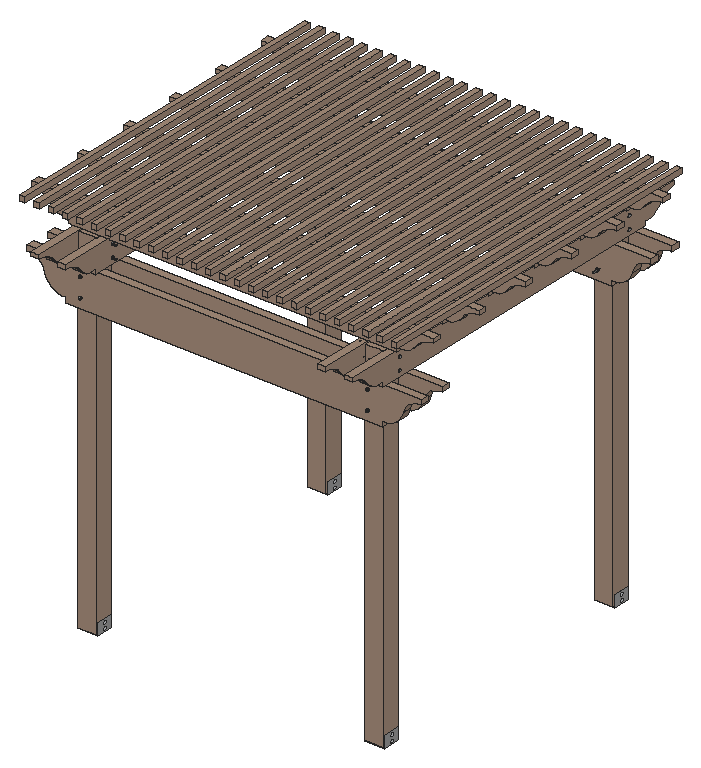
Revit family "SiteFurnishings_Pergola_Humboldt_Napa", category Generic Models, Revit 2026
Family settings
  Can host rebar = No
  Round Connector Dimension = Use Diameter
  Part Type = Normal
  Work Plane-Based = No
  Always vertical = Yes
  Cut with Voids When Loaded = No
  Maintain Annotation Orientation = No
  Shared = No
  Room Calculation Point = No
Parameters
  Post Anchor Material = Galvanized Steel
  Pergola Material = Humboldt Redwood - Smooth Grain
  Fastener Material = Galvanized Steel
  Default Elevation = 0' - 0"
Reference planes (in)
  plane 1 "Center (Front/Back)": y = 0
  plane 2: z = 0
  plane 3 "Center (Left/Right)": x = 0
  plane 4: y = 49
  plane 5: y = -43.5
  plane 6: x = -46.25
  plane 7: x = 46.25
  plane 8: y = 43.5
  plane 9: x = -40.75
  plane 10: x = 40.75
  plane 11: y = -38
  plane 12: z = 108
  plane 13: z = 96.75
  plane 14: x = -48
  plane 15: x = 48
  plane 16: z = 85.25
  plane 17: x = -39
  plane 18: x = 39
Forms (in)
  Extrusion 1, solid, material "Humboldt Redwood - Smooth Grain" <- "Pergola Material"
    sketch origin (0, 0, 3.75) x (1, 0, 0) y (0, 0, 1)
      loop
        line (59.75, 96.75) -> (-59.75, 96.75) -> (-59.75, 95.25)
        arc (-59.75, 95.25) -> (-56.24013, 94.28949) -> (-54.34937, 91.18033) r 4.92189
        arc (-54.34937, 91.18033) -> (-51.97883, 87.82289) -> (-48, 86.79297) r 5.9707
        line (-48, 86.79297) -> (-48, 85.25) -> (48, 85.25) -> (48, 86.79297)
        arc (48, 86.79297) -> (51.97883, 87.82289) -> (54.34937, 91.18033) r 5.9707
        arc (54.34937, 91.18033) -> (56.24013, 94.28949) -> (59.75, 95.25) r 4.92189
        line (59.75, 95.25) -> (59.75, 96.75)
    from 43.5 to 46
  Extrusion 2, solid, material "Galvanized Steel" <- "Fastener Material"
    sketch origin (0, 0, 3.75) x (1, 0, 0) y (0, 0, 1)
      loop
        circle (-43.5, 93.875) r 0.375
    from 46 to 46.125
  Extrusion 3, solid, material "Galvanized Steel" <- "Fastener Material"
    sketch origin (0, 0, -2) x (1, 0, 0) y (0, 0, 1)
      loop
        circle (-43.5, 93.875) r 0.375
    from 46 to 46.125
  Extrusion 4, solid, material "Galvanized Steel" <- "Fastener Material"
    sketch origin (0, 0, 3.75) x (-1, 0, 0) y (0, 0, -1)
      loop
        circle (-43.5, -93.875) r 0.375
    from 46 to 46.125
  Extrusion 5, solid, material "Galvanized Steel" <- "Fastener Material"
    sketch origin (0, 0, -2) x (-1, 0, 0) y (0, 0, -1)
      loop
        circle (-43.5, -93.875) r 0.375
    from 46 to 46.125
  Extrusion 6, solid, material "Galvanized Steel" <- "Fastener Material"
    sketch origin (0, 0, 3.75) x (1, 0, 0) y (0, 0, 1)
      loop
        circle (-43.5, 93.875) r 0.25
    from 46.125 to 46.375
  Extrusion 7, solid, material "Galvanized Steel" <- "Fastener Material"
    sketch origin (0, 0, -2) x (1, 0, 0) y (0, 0, 1)
      loop
        circle (-43.5, 93.875) r 0.25
    from 46.125 to 46.375
  Extrusion 8, solid, material "Galvanized Steel" <- "Fastener Material"
    sketch origin (0, 0, 3.75) x (-1, 0, 0) y (0, 0, -1)
      loop
        circle (-43.5, -93.875) r 0.25
    from 46.125 to 46.375
  Extrusion 9, solid, material "Galvanized Steel" <- "Fastener Material"
    sketch origin (0, 0, -2) x (-1, 0, 0) y (0, 0, -1)
      loop
        circle (-43.5, -93.875) r 0.25
    from 46.125 to 46.375
  Extrusion 10, solid, material "Galvanized Steel" <- "Fastener Material"
    sketch origin (0, 0, 3.75) x (1, 0, 0) y (0, 0, 1)
      loop
        circle (-43.5, 93.875) r 0.125
    from 34 to 46
  Extrusion 11, solid, material "Galvanized Steel" <- "Fastener Material"
    sketch origin (0, 10.625, 3.75) x (1, 0, 0) y (0, 0, 1)
      loop
        circle (-43.5, 93.875) r 0.375
    from 46 to 46.125
  Extrusion 12, solid, material "Galvanized Steel" <- "Fastener Material"
    sketch origin (0, 11, 3.75) x (1, 0, 0) y (0, 0, 1)
      loop
        line (-43.75, 93.97855) -> (-43.75, 93.77145) -> (-43.60355, 93.625) -> (-43.39645, 93.625) -> (-43.25, 93.77145) -> (-43.25, 93.97855) -> (-43.39645, 94.125) -> (-43.60355, 94.125) -> (-43.75, 93.97855)
    from 46.125 to 46.375
  Extrusion 13, solid, material "Galvanized Steel" <- "Fastener Material"
    sketch origin (0, 0, -2) x (1, 0, 0) y (0, 0, 1)
      loop
        circle (-43.5, 93.875) r 0.125
    from 34 to 46
  Extrusion 14, solid, material "Galvanized Steel" <- "Fastener Material"
    sketch origin (0, 10.625, -2) x (1, 0, 0) y (0, 0, 1)
      loop
        circle (-43.5, 93.875) r 0.375
    from 46 to 46.125
  Extrusion 15, solid, material "Galvanized Steel" <- "Fastener Material"
    sketch origin (0, 11, -2) x (1, 0, 0) y (0, 0, 1)
      loop
        line (-43.75, 93.97855) -> (-43.75, 93.77145) -> (-43.60355, 93.625) -> (-43.39645, 93.625) -> (-43.25, 93.77145) -> (-43.25, 93.97855) -> (-43.39645, 94.125) -> (-43.60355, 94.125) -> (-43.75, 93.97855)
    from 46.125 to 46.375
  Extrusion 16, solid, material "Galvanized Steel" <- "Fastener Material"
    sketch origin (0, 0, 3.75) x (-1, 0, 0) y (0, 0, -1)
      loop
        circle (-43.5, -93.875) r 0.125
    from 34 to 46
  Extrusion 17, solid, material "Galvanized Steel" <- "Fastener Material"
    sketch origin (0, 10.625, 3.75) x (-1, 0, 0) y (0, 0, -1)
      loop
        circle (-43.5, -93.875) r 0.375
    from 46 to 46.125
  Extrusion 18, solid, material "Galvanized Steel" <- "Fastener Material"
    sketch origin (0, 11, 3.75) x (-1, 0, 0) y (0, 0, -1)
      loop
        line (-43.75, -93.97855) -> (-43.60355, -94.125) -> (-43.39645, -94.125) -> (-43.25, -93.97855) -> (-43.25, -93.77145) -> (-43.39645, -93.625) -> (-43.60355, -93.625) -> (-43.75, -93.77145) -> (-43.75, -93.97855)
    from 46.125 to 46.375
  Extrusion 19, solid, material "Galvanized Steel" <- "Fastener Material"
    sketch origin (0, 0, -2) x (-1, 0, 0) y (0, 0, -1)
      loop
        circle (-43.5, -93.875) r 0.125
    from 34 to 46
  Extrusion 20, solid, material "Galvanized Steel" <- "Fastener Material"
    sketch origin (0, 10.625, -2) x (-1, 0, 0) y (0, 0, -1)
      loop
        circle (-43.5, -93.875) r 0.375
    from 46 to 46.125
  Extrusion 21, solid, material "Galvanized Steel" <- "Fastener Material"
    sketch origin (0, 11, -2) x (-1, 0, 0) y (0, 0, -1)
      loop
        line (-43.75, -93.97855) -> (-43.60355, -94.125) -> (-43.39645, -94.125) -> (-43.25, -93.97855) -> (-43.25, -93.77145) -> (-43.39645, -93.625) -> (-43.60355, -93.625) -> (-43.75, -93.77145) -> (-43.75, -93.97855)
    from 46.125 to 46.375
  Extrusion 22, solid, material "Galvanized Steel" <- "Post Anchor Material"
    sketch origin (0, 0, 0) x (1, 0, 0) y (0, 0, 1)
      loop
        line (-46.5, 0) -> (-40.5, 0) -> (-40.5, 3.5) -> (-40.75, 3.5) -> (-40.75, 0.25) -> (-46.25, 0.25) -> (-46.25, 3.5) -> (-46.5, 3.5) -> (-46.5, 0)
    from 38.19008 to 43.30069
  Extrusion 23, solid, material "Galvanized Steel" <- "Post Anchor Material"
    sketch origin (87, 0, 0) x (1, 0, 0) y (0, 0, 1)
      loop
        line (-46.5, 0) -> (-40.5, 0) -> (-40.5, 3.5) -> (-40.75, 3.5) -> (-40.75, 0.25) -> (-46.25, 0.25) -> (-46.25, 3.5) -> (-46.5, 3.5) -> (-46.5, 0)
    from 38.19008 to 43.30069
  Extrusion 24, solid, material "Galvanized Steel" <- "Post Anchor Material"
    sketch origin (0, 87, 0) x (1, 0, 0) y (0, 0, 1)
      loop
        line (-46.5, 0) -> (-40.5, 0) -> (-40.5, 3.5) -> (-40.75, 3.5) -> (-40.75, 0.25) -> (-46.25, 0.25) -> (-46.25, 3.5) -> (-46.5, 3.5) -> (-46.5, 0)
    from 38.19008 to 43.30069
  Extrusion 25, solid, material "Galvanized Steel" <- "Post Anchor Material"
    sketch origin (87, 87, 0) x (1, 0, 0) y (0, 0, 1)
      loop
        line (-46.5, 0) -> (-40.5, 0) -> (-40.5, 3.5) -> (-40.75, 3.5) -> (-40.75, 0.25) -> (-46.25, 0.25) -> (-46.25, 3.5) -> (-46.5, 3.5) -> (-46.5, 0)
    from 38.19008 to 43.30069
  Extrusion 26, solid
    sketch origin (0, 0, 0) x (0, 1, 0) y (0, 0, 1)
      loop
        circle (46.25461, 2.625) r 0.375
    from -46.62635 to -46.5
  Extrusion 27, solid
    sketch origin (0, 0, 3.5) x (0, 1, 0) y (0, 0, 1)
      loop
        circle (46.25461, -2.625) r 0.375
    from -46.62635 to -46.5
  Extrusion 28, solid
    sketch origin (-87, 0, 0) x (0, 1, 0) y (0, 0, -1)
      loop
        circle (46.25461, -2.625) r 0.375
    from -46.62635 to -46.5
  Extrusion 29, solid
    sketch origin (-87, 0, 3.5) x (0, 1, 0) y (0, 0, -1)
      loop
        circle (46.25461, 2.625) r 0.375
    from -46.62635 to -46.5
  Extrusion 30, solid
    sketch origin (0, 0, 0) x (0, 1, 0) y (0, 0, -1)
      loop
        circle (46.25461, -2.625) r 0.375
    from -46.62635 to -46.5
  Extrusion 31, solid
    sketch origin (0, 0, 3.5) x (0, 1, 0) y (0, 0, -1)
      loop
        circle (46.25461, 2.625) r 0.375
    from -46.62635 to -46.5
  Extrusion 32, solid
    sketch origin (87, 0, 0) x (0, 1, 0) y (0, 0, 1)
      loop
        circle (46.25461, 2.625) r 0.375
    from -46.62635 to -46.5
  Extrusion 33, solid
    sketch origin (87, 0, 3.5) x (0, 1, 0) y (0, 0, 1)
      loop
        circle (46.25461, -2.625) r 0.375
    from -46.62635 to -46.5
  Extrusion 34, solid
    sketch origin (0, 0, 0) x (0, -1, 0) y (0, 0, -1)
      loop
        circle (40.75461, -2.625) r 0.375
    from -46.62635 to -46.5
  Extrusion 35, solid
    sketch origin (0, 0, 3.5) x (0, -1, 0) y (0, 0, -1)
      loop
        circle (40.75461, 2.625) r 0.375
    from -46.62635 to -46.5
  Extrusion 36, solid
    sketch origin (-87, 0, 0) x (0, -1, 0) y (0, 0, 1)
      loop
        circle (40.75461, 2.625) r 0.375
    from -46.62635 to -46.5
  Extrusion 37, solid
    sketch origin (-87, 0, 3.5) x (0, -1, 0) y (0, 0, 1)
      loop
        circle (40.75461, -2.625) r 0.375
    from -46.62635 to -46.5
  Extrusion 38, solid
    sketch origin (0, 0, 0) x (0, -1, 0) y (0, 0, 1)
      loop
        circle (40.75461, 2.625) r 0.375
    from -46.62635 to -46.5
  Extrusion 39, solid
    sketch origin (0, 0, 3.5) x (0, -1, 0) y (0, 0, 1)
      loop
        circle (40.75461, -2.625) r 0.375
    from -46.62635 to -46.5
  Extrusion 40, solid
    sketch origin (87, 0, 0) x (0, -1, 0) y (0, 0, -1)
      loop
        circle (40.75461, -2.625) r 0.375
    from -46.62635 to -46.5
  Extrusion 41, solid
    sketch origin (87, 0, 3.5) x (0, -1, 0) y (0, 0, -1)
      loop
        circle (40.75461, 2.625) r 0.375
    from -46.62635 to -46.5
  Extrusion 42, solid, material "Galvanized Steel" <- "Fastener Material"
    sketch origin (0, 5.5, 3.75) x (1, 0, 0) y (0, 0, -1)
      loop
        circle (-43.5, -93.875) r 0.375
    from 46 to 46.125
  Extrusion 43, solid, material "Galvanized Steel" <- "Fastener Material"
    sketch origin (0, 5.5, -2) x (1, 0, 0) y (0, 0, -1)
      loop
        circle (-43.5, -93.875) r 0.375
    from 46 to 46.125
  Extrusion 44, solid, material "Galvanized Steel" <- "Fastener Material"
    sketch origin (0, 5.5, 3.75) x (-1, 0, 0) y (0, 0, 1)
      loop
        circle (-43.5, 93.875) r 0.375
    from 46 to 46.125
  Extrusion 45, solid, material "Galvanized Steel" <- "Fastener Material"
    sketch origin (0, 5.5, -2) x (-1, 0, 0) y (0, 0, 1)
      loop
        circle (-43.5, 93.875) r 0.375
    from 46 to 46.125
  Extrusion 46, solid, material "Galvanized Steel" <- "Fastener Material"
    sketch origin (0, 5.5, 3.75) x (1, 0, 0) y (0, 0, -1)
      loop
        circle (-43.5, -93.875) r 0.25
    from 46.125 to 46.375
  Extrusion 47, solid, material "Galvanized Steel" <- "Fastener Material"
    sketch origin (0, 5.5, -2) x (1, 0, 0) y (0, 0, -1)
      loop
        circle (-43.5, -93.875) r 0.25
    from 46.125 to 46.375
  Extrusion 48, solid, material "Galvanized Steel" <- "Fastener Material"
    sketch origin (0, 5.5, 3.75) x (-1, 0, 0) y (0, 0, 1)
      loop
        circle (-43.5, 93.875) r 0.25
    from 46.125 to 46.375
  Extrusion 49, solid, material "Galvanized Steel" <- "Fastener Material"
    sketch origin (0, 5.5, -2) x (-1, 0, 0) y (0, 0, 1)
      loop
        circle (-43.5, 93.875) r 0.25
    from 46.125 to 46.375
  Extrusion 50, solid, material "Galvanized Steel" <- "Fastener Material"
    sketch origin (0, 5.5, 3.75) x (1, 0, 0) y (0, 0, -1)
      loop
        circle (-43.5, -93.875) r 0.125
    from 34 to 46
  Extrusion 51, solid, material "Galvanized Steel" <- "Fastener Material"
    sketch origin (0, -5.125, 3.75) x (1, 0, 0) y (0, 0, -1)
      loop
        circle (-43.5, -93.875) r 0.375
    from 46 to 46.125
  Extrusion 52, solid, material "Galvanized Steel" <- "Fastener Material"
    sketch origin (0, -5.5, 3.75) x (1, 0, 0) y (0, 0, -1)
      loop
        line (-43.75, -93.97855) -> (-43.60355, -94.125) -> (-43.39645, -94.125) -> (-43.25, -93.97855) -> (-43.25, -93.77145) -> (-43.39645, -93.625) -> (-43.60355, -93.625) -> (-43.75, -93.77145) -> (-43.75, -93.97855)
    from 46.125 to 46.375
  Extrusion 53, solid, material "Galvanized Steel" <- "Fastener Material"
    sketch origin (0, 5.5, -2) x (1, 0, 0) y (0, 0, -1)
      loop
        circle (-43.5, -93.875) r 0.125
    from 34 to 46
  Extrusion 54, solid, material "Galvanized Steel" <- "Fastener Material"
    sketch origin (0, -5.125, -2) x (1, 0, 0) y (0, 0, -1)
      loop
        circle (-43.5, -93.875) r 0.375
    from 46 to 46.125
  Extrusion 55, solid, material "Galvanized Steel" <- "Fastener Material"
    sketch origin (0, -5.5, -2) x (1, 0, 0) y (0, 0, -1)
      loop
        line (-43.75, -93.97855) -> (-43.60355, -94.125) -> (-43.39645, -94.125) -> (-43.25, -93.97855) -> (-43.25, -93.77145) -> (-43.39645, -93.625) -> (-43.60355, -93.625) -> (-43.75, -93.77145) -> (-43.75, -93.97855)
    from 46.125 to 46.375
  Extrusion 56, solid, material "Galvanized Steel" <- "Fastener Material"
    sketch origin (0, 5.5, 3.75) x (-1, 0, 0) y (0, 0, 1)
      loop
        circle (-43.5, 93.875) r 0.125
    from 34 to 46
  Extrusion 57, solid, material "Galvanized Steel" <- "Fastener Material"
    sketch origin (0, -5.125, 3.75) x (-1, 0, 0) y (0, 0, 1)
      loop
        circle (-43.5, 93.875) r 0.375
    from 46 to 46.125
  Extrusion 58, solid, material "Galvanized Steel" <- "Fastener Material"
    sketch origin (0, -5.5, 3.75) x (-1, 0, 0) y (0, 0, 1)
      loop
        line (-43.75, 93.97855) -> (-43.75, 93.77145) -> (-43.60355, 93.625) -> (-43.39645, 93.625) -> (-43.25, 93.77145) -> (-43.25, 93.97855) -> (-43.39645, 94.125) -> (-43.60355, 94.125) -> (-43.75, 93.97855)
    from 46.125 to 46.375
  Extrusion 59, solid, material "Galvanized Steel" <- "Fastener Material"
    sketch origin (0, 5.5, -2) x (-1, 0, 0) y (0, 0, 1)
      loop
        circle (-43.5, 93.875) r 0.125
    from 34 to 46
  Extrusion 60, solid, material "Galvanized Steel" <- "Fastener Material"
    sketch origin (0, -5.125, -2) x (-1, 0, 0) y (0, 0, 1)
      loop
        circle (-43.5, 93.875) r 0.375
    from 46 to 46.125
  Extrusion 61, solid, material "Galvanized Steel" <- "Fastener Material"
    sketch origin (0, -5.5, -2) x (-1, 0, 0) y (0, 0, 1)
      loop
        line (-43.75, 93.97855) -> (-43.75, 93.77145) -> (-43.60355, 93.625) -> (-43.39645, 93.625) -> (-43.25, 93.77145) -> (-43.25, 93.97855) -> (-43.39645, 94.125) -> (-43.60355, 94.125) -> (-43.75, 93.97855)
    from 46.125 to 46.375
  Extrusion 62, solid, material "Humboldt Redwood - Smooth Grain" <- "Pergola Material"
    sketch origin (-2.75, 0, 11.5) x (0, -1, 0) y (0, 0, 1)
      loop
        line (58.25, 96.5) -> (-63.5, 96.5) -> (-63.5, 95.26919)
        arc (-63.5, 95.26919) -> (-60.57106, 94.67201) -> (-58.31215, 92.71429) r 5.89177
        arc (-58.31215, 92.71429) -> (-55.75255, 90.69772) -> (-52.5, 90.5) r 5.45534
        line (-52.5, 90.5) -> (-52.5, 89) -> (46, 89) -> (47, 89) -> (47, 90.5)
        arc (47, 90.5) -> (50.25255, 90.69772) -> (52.81215, 92.71429) r 5.45534
        arc (52.81215, 92.71429) -> (55.18412, 94.7262) -> (58.25, 95.25) r 5.89177
        line (58.25, 95.25) -> (58.25, 96.5)
    from 43.5 to 46
  Extrusion 63, solid, material "Galvanized Steel" <- "Fastener Material"
    sketch origin (2.75, -84.25, 12.25) x (0, -1, 0) y (0, 0, -1)
      loop
        circle (-43.5, -93.875) r 0.375
    from 46 to 46.125
  Extrusion 64, solid, material "Galvanized Steel" <- "Fastener Material"
    sketch origin (2.75, -84.25, 12.25) x (0, -1, 0) y (0, 0, -1)
      loop
        circle (-43.5, -93.875) r 0.25
    from 46.125 to 46.375
  Extrusion 65, solid, material "Galvanized Steel" <- "Fastener Material"
    sketch origin (2.75, -84.25, 12.25) x (0, -1, 0) y (0, 0, -1)
      loop
        circle (-43.5, -93.875) r 0.125
    from 34 to 46
  Extrusion 66, solid, material "Galvanized Steel" <- "Fastener Material"
    sketch origin (-7.875, -84.25, 12.25) x (0, -1, 0) y (0, 0, -1)
      loop
        circle (-43.5, -93.875) r 0.375
    from 46 to 46.125
  Extrusion 67, solid, material "Galvanized Steel" <- "Fastener Material"
    sketch origin (-8.25, -84.25, 12.25) x (0, -1, 0) y (0, 0, -1)
      loop
        line (-43.75, -93.97855) -> (-43.60355, -94.125) -> (-43.39645, -94.125) -> (-43.25, -93.97855) -> (-43.25, -93.77145) -> (-43.39645, -93.625) -> (-43.60355, -93.625) -> (-43.75, -93.77145) -> (-43.75, -93.97855)
    from 46.125 to 46.375
  Extrusion 68, solid, material "Galvanized Steel" <- "Fastener Material"
    sketch origin (2.75, -84.25, 196.25) x (0, -1, 0) y (0, 0, -1)
      loop
        circle (-43.5, 93.875) r 0.375
    from 46 to 46.125
  Extrusion 69, solid, material "Galvanized Steel" <- "Fastener Material"
    sketch origin (2.75, -84.25, 196.25) x (0, -1, 0) y (0, 0, -1)
      loop
        circle (-43.5, 93.875) r 0.25
    from 46.125 to 46.375
  Extrusion 70, solid, material "Galvanized Steel" <- "Fastener Material"
    sketch origin (2.75, -84.25, 196.25) x (0, -1, 0) y (0, 0, -1)
      loop
        circle (-43.5, 93.875) r 0.125
    from 34 to 46
  Extrusion 71, solid, material "Galvanized Steel" <- "Fastener Material"
    sketch origin (-7.875, -84.25, 196.25) x (0, -1, 0) y (0, 0, -1)
      loop
        circle (-43.5, 93.875) r 0.375
    from 46 to 46.125
  Extrusion 72, solid, material "Galvanized Steel" <- "Fastener Material"
    sketch origin (-8.25, -84.25, 196.25) x (0, -1, 0) y (0, 0, -1)
      loop
        line (-43.75, 93.97855) -> (-43.75, 93.77145) -> (-43.60355, 93.625) -> (-43.39645, 93.625) -> (-43.25, 93.77145) -> (-43.25, 93.97855) -> (-43.39645, 94.125) -> (-43.60355, 94.125) -> (-43.75, 93.97855)
    from 46.125 to 46.375
  Extrusion 73, solid, material "Galvanized Steel" <- "Fastener Material"
    sketch origin (2.75, 84.25, 12.25) x (0, 1, 0) y (0, 0, 1)
      loop
        circle (-38, 93.875) r 0.375
    from 46 to 46.125
  Extrusion 74, solid, material "Galvanized Steel" <- "Fastener Material"
    sketch origin (2.75, 84.25, 12.25) x (0, 1, 0) y (0, 0, 1)
      loop
        circle (-38, 93.875) r 0.25
    from 46.125 to 46.375
  Extrusion 75, solid, material "Galvanized Steel" <- "Fastener Material"
    sketch origin (2.75, 84.25, 12.25) x (0, 1, 0) y (0, 0, 1)
      loop
        circle (-38, 93.875) r 0.125
    from 34 to 46
  Extrusion 76, solid, material "Galvanized Steel" <- "Fastener Material"
    sketch origin (-7.875, 84.25, 12.25) x (0, 1, 0) y (0, 0, 1)
      loop
        circle (-38, 93.875) r 0.375
    from 46 to 46.125
  Extrusion 77, solid, material "Galvanized Steel" <- "Fastener Material"
    sketch origin (-8.25, 84.25, 12.25) x (0, 1, 0) y (0, 0, 1)
      loop
        line (-38.25, 93.97855) -> (-38.25, 93.77145) -> (-38.10355, 93.625) -> (-37.89645, 93.625) -> (-37.75, 93.77145) -> (-37.75, 93.97855) -> (-37.89645, 94.125) -> (-38.10355, 94.125) -> (-38.25, 93.97855)
    from 46.125 to 46.375
  Extrusion 78, solid, material "Galvanized Steel" <- "Fastener Material"
    sketch origin (2.75, 84.25, 196.25) x (0, 1, 0) y (0, 0, 1)
      loop
        circle (-38, -93.875) r 0.375
    from 46 to 46.125
  Extrusion 79, solid, material "Galvanized Steel" <- "Fastener Material"
    sketch origin (2.75, 84.25, 196.25) x (0, 1, 0) y (0, 0, 1)
      loop
        circle (-38, -93.875) r 0.25
    from 46.125 to 46.375
  Extrusion 80, solid, material "Galvanized Steel" <- "Fastener Material"
    sketch origin (2.75, 84.25, 196.25) x (0, 1, 0) y (0, 0, 1)
      loop
        circle (-38, -93.875) r 0.125
    from 34 to 46
  Extrusion 81, solid, material "Galvanized Steel" <- "Fastener Material"
    sketch origin (-7.875, 84.25, 196.25) x (0, 1, 0) y (0, 0, 1)
      loop
        circle (-38, -93.875) r 0.375
    from 46 to 46.125
  Extrusion 82, solid, material "Galvanized Steel" <- "Fastener Material"
    sketch origin (-8.25, 84.25, 196.25) x (0, 1, 0) y (0, 0, 1)
      loop
        line (-38.25, -93.97855) -> (-38.10355, -94.125) -> (-37.89645, -94.125) -> (-37.75, -93.97855) -> (-37.75, -93.77145) -> (-37.89645, -93.625) -> (-38.10355, -93.625) -> (-38.25, -93.77145) -> (-38.25, -93.97855)
    from 46.125 to 46.375
  Extrusion 83, solid, material "Humboldt Redwood - Smooth Grain" <- "Pergola Material"
    sketch origin (0, 8, 3.75) x (1, 0, 0) y (0, 0, 1)
      loop
        line (59.75, 96.75) -> (-59.75, 96.75) -> (-59.75, 95.25)
        arc (-59.75, 95.25) -> (-56.24013, 94.28949) -> (-54.34937, 91.18033) r 4.92189
        arc (-54.34937, 91.18033) -> (-51.97883, 87.82289) -> (-48, 86.79297) r 5.9707
        line (-48, 86.79297) -> (-48, 85.25) -> (48, 85.25) -> (48, 86.79297)
        arc (48, 86.79297) -> (51.97883, 87.82289) -> (54.34937, 91.18033) r 5.9707
        arc (54.34937, 91.18033) -> (56.24013, 94.28949) -> (59.75, 95.25) r 4.92189
        line (59.75, 95.25) -> (59.75, 96.75)
    from 43.5 to 46
  Extrusion 84, solid, material "Humboldt Redwood - Smooth Grain" <- "Pergola Material"
    sketch origin (0, 87, 3.75) x (1, 0, 0) y (0, 0, 1)
      loop
        line (59.75, 96.75) -> (-59.75, 96.75) -> (-59.75, 95.25)
        arc (-59.75, 95.25) -> (-56.24013, 94.28949) -> (-54.34937, 91.18033) r 4.92189
        arc (-54.34937, 91.18033) -> (-51.97883, 87.82289) -> (-48, 86.79297) r 5.9707
        line (-48, 86.79297) -> (-48, 85.25) -> (48, 85.25) -> (48, 86.79297)
        arc (48, 86.79297) -> (51.97883, 87.82289) -> (54.34937, 91.18033) r 5.9707
        arc (54.34937, 91.18033) -> (56.24013, 94.28949) -> (59.75, 95.25) r 4.92189
        line (59.75, 95.25) -> (59.75, 96.75)
    from 43.5 to 46
  Extrusion 85, solid, material "Humboldt Redwood - Smooth Grain" <- "Pergola Material"
    sketch origin (0, 95, 3.75) x (1, 0, 0) y (0, 0, 1)
      loop
        line (59.75, 96.75) -> (-59.75, 96.75) -> (-59.75, 95.25)
        arc (-59.75, 95.25) -> (-56.24013, 94.28949) -> (-54.34937, 91.18033) r 4.92189
        arc (-54.34937, 91.18033) -> (-51.97883, 87.82289) -> (-48, 86.79297) r 5.9707
        line (-48, 86.79297) -> (-48, 85.25) -> (48, 85.25) -> (48, 86.79297)
        arc (48, 86.79297) -> (51.97883, 87.82289) -> (54.34937, 91.18033) r 5.9707
        arc (54.34937, 91.18033) -> (56.24013, 94.28949) -> (59.75, 95.25) r 4.92189
        line (59.75, 95.25) -> (59.75, 96.75)
    from 43.5 to 46
  Extrusion 86, solid, material "Galvanized Steel" <- "Fastener Material"
    sketch origin (-2.75, -84.25, 12.25) x (0, -1, 0) y (0, 0, 1)
      loop
        circle (-43.5, 93.875) r 0.375
    from 46 to 46.125
  Extrusion 87, solid, material "Galvanized Steel" <- "Fastener Material"
    sketch origin (-2.75, -84.25, 12.25) x (0, -1, 0) y (0, 0, 1)
      loop
        circle (-43.5, 93.875) r 0.25
    from 46.125 to 46.375
  Extrusion 88, solid, material "Galvanized Steel" <- "Fastener Material"
    sketch origin (-2.75, -84.25, 12.25) x (0, -1, 0) y (0, 0, 1)
      loop
        circle (-43.5, 93.875) r 0.125
    from 34 to 46
  Extrusion 89, solid, material "Galvanized Steel" <- "Fastener Material"
    sketch origin (7.875, -84.25, 12.25) x (0, -1, 0) y (0, 0, 1)
      loop
        circle (-43.5, 93.875) r 0.375
    from 46 to 46.125
  Extrusion 90, solid, material "Galvanized Steel" <- "Fastener Material"
    sketch origin (8.25, -84.25, 12.25) x (0, -1, 0) y (0, 0, 1)
      loop
        line (-43.75, 93.97855) -> (-43.75, 93.77145) -> (-43.60355, 93.625) -> (-43.39645, 93.625) -> (-43.25, 93.77145) -> (-43.25, 93.97855) -> (-43.39645, 94.125) -> (-43.60355, 94.125) -> (-43.75, 93.97855)
    from 46.125 to 46.375
  Extrusion 91, solid, material "Galvanized Steel" <- "Fastener Material"
    sketch origin (-2.75, -84.25, 196.25) x (0, -1, 0) y (0, 0, 1)
      loop
        circle (-43.5, -93.875) r 0.375
    from 46 to 46.125
  Extrusion 92, solid, material "Galvanized Steel" <- "Fastener Material"
    sketch origin (-2.75, -84.25, 196.25) x (0, -1, 0) y (0, 0, 1)
      loop
        circle (-43.5, -93.875) r 0.25
    from 46.125 to 46.375
  Extrusion 93, solid, material "Galvanized Steel" <- "Fastener Material"
    sketch origin (-2.75, -84.25, 196.25) x (0, -1, 0) y (0, 0, 1)
      loop
        circle (-43.5, -93.875) r 0.125
    from 34 to 46
  Extrusion 94, solid, material "Galvanized Steel" <- "Fastener Material"
    sketch origin (7.875, -84.25, 196.25) x (0, -1, 0) y (0, 0, 1)
      loop
        circle (-43.5, -93.875) r 0.375
    from 46 to 46.125
  Extrusion 95, solid, material "Galvanized Steel" <- "Fastener Material"
    sketch origin (8.25, -84.25, 196.25) x (0, -1, 0) y (0, 0, 1)
      loop
        line (-43.75, -93.97855) -> (-43.60355, -94.125) -> (-43.39645, -94.125) -> (-43.25, -93.97855) -> (-43.25, -93.77145) -> (-43.39645, -93.625) -> (-43.60355, -93.625) -> (-43.75, -93.77145) -> (-43.75, -93.97855)
    from 46.125 to 46.375
  Extrusion 96, solid, material "Galvanized Steel" <- "Fastener Material"
    sketch origin (-2.75, 84.25, 12.25) x (0, 1, 0) y (0, 0, -1)
      loop
        circle (-38, -93.875) r 0.375
    from 46 to 46.125
  Extrusion 97, solid, material "Galvanized Steel" <- "Fastener Material"
    sketch origin (-2.75, 84.25, 12.25) x (0, 1, 0) y (0, 0, -1)
      loop
        circle (-38, -93.875) r 0.25
    from 46.125 to 46.375
  Extrusion 98, solid, material "Galvanized Steel" <- "Fastener Material"
    sketch origin (-2.75, 84.25, 12.25) x (0, 1, 0) y (0, 0, -1)
      loop
        circle (-38, -93.875) r 0.125
    from 34 to 46
  Extrusion 99, solid, material "Galvanized Steel" <- "Fastener Material"
    sketch origin (7.875, 84.25, 12.25) x (0, 1, 0) y (0, 0, -1)
      loop
        circle (-38, -93.875) r 0.375
    from 46 to 46.125
  Extrusion 100, solid, material "Galvanized Steel" <- "Fastener Material"
    sketch origin (8.25, 84.25, 12.25) x (0, 1, 0) y (0, 0, -1)
      loop
        line (-38.25, -93.97855) -> (-38.10355, -94.125) -> (-37.89645, -94.125) -> (-37.75, -93.97855) -> (-37.75, -93.77145) -> (-37.89645, -93.625) -> (-38.10355, -93.625) -> (-38.25, -93.77145) -> (-38.25, -93.97855)
    from 46.125 to 46.375
  Extrusion 101, solid, material "Galvanized Steel" <- "Fastener Material"
    sketch origin (-2.75, 84.25, 196.25) x (0, 1, 0) y (0, 0, -1)
      loop
        circle (-38, 93.875) r 0.375
    from 46 to 46.125
  Extrusion 102, solid, material "Galvanized Steel" <- "Fastener Material"
    sketch origin (-2.75, 84.25, 196.25) x (0, 1, 0) y (0, 0, -1)
      loop
        circle (-38, 93.875) r 0.25
    from 46.125 to 46.375
  Extrusion 103, solid, material "Galvanized Steel" <- "Fastener Material"
    sketch origin (-2.75, 84.25, 196.25) x (0, 1, 0) y (0, 0, -1)
      loop
        circle (-38, 93.875) r 0.125
    from 34 to 46
  Extrusion 104, solid, material "Galvanized Steel" <- "Fastener Material"
    sketch origin (7.875, 84.25, 196.25) x (0, 1, 0) y (0, 0, -1)
      loop
        circle (-38, 93.875) r 0.375
    from 46 to 46.125
  Extrusion 105, solid, material "Galvanized Steel" <- "Fastener Material"
    sketch origin (8.25, 84.25, 196.25) x (0, 1, 0) y (0, 0, -1)
      loop
        line (-38.25, 93.97855) -> (-38.25, 93.77145) -> (-38.10355, 93.625) -> (-37.89645, 93.625) -> (-37.75, 93.77145) -> (-37.75, 93.97855) -> (-37.89645, 94.125) -> (-38.10355, 94.125) -> (-38.25, 93.97855)
    from 46.125 to 46.375
  Extrusion 106, solid, material "Humboldt Redwood - Smooth Grain" <- "Pergola Material"
    sketch origin (5.25, 0, 11.5) x (0, -1, 0) y (0, 0, 1)
      loop
        line (58.25, 96.5) -> (-63.5, 96.5) -> (-63.5, 95.26919)
        arc (-63.5, 95.26919) -> (-60.57106, 94.67201) -> (-58.31215, 92.71429) r 5.89177
        arc (-58.31215, 92.71429) -> (-55.75255, 90.69772) -> (-52.5, 90.5) r 5.45534
        line (-52.5, 90.5) -> (-52.5, 89) -> (46, 89) -> (47, 89) -> (47, 90.5)
        arc (47, 90.5) -> (50.25255, 90.69772) -> (52.81215, 92.71429) r 5.45534
        arc (52.81215, 92.71429) -> (55.18412, 94.7262) -> (58.25, 95.25) r 5.89177
        line (58.25, 95.25) -> (58.25, 96.5)
    from 43.5 to 46
  Extrusion 107, solid, material "Humboldt Redwood - Smooth Grain" <- "Pergola Material"
    sketch origin (84.25, 0, 11.5) x (0, -1, 0) y (0, 0, 1)
      loop
        line (58.25, 96.5) -> (-63.5, 96.5) -> (-63.5, 95.26919)
        arc (-63.5, 95.26919) -> (-60.57106, 94.67201) -> (-58.31215, 92.71429) r 5.89177
        arc (-58.31215, 92.71429) -> (-55.75255, 90.69772) -> (-52.5, 90.5) r 5.45534
        line (-52.5, 90.5) -> (-52.5, 89) -> (46, 89) -> (47, 89) -> (47, 90.5)
        arc (47, 90.5) -> (50.25255, 90.69772) -> (52.81215, 92.71429) r 5.45534
        arc (52.81215, 92.71429) -> (55.18412, 94.7262) -> (58.25, 95.25) r 5.89177
        line (58.25, 95.25) -> (58.25, 96.5)
    from 43.5 to 46
  Extrusion 108, solid, material "Humboldt Redwood - Smooth Grain" <- "Pergola Material"
    sketch origin (92.25, 0, 11.5) x (0, -1, 0) y (0, 0, 1)
      loop
        line (58.25, 96.5) -> (-63.5, 96.5) -> (-63.5, 95.26919)
        arc (-63.5, 95.26919) -> (-60.57106, 94.67201) -> (-58.31215, 92.71429) r 5.89177
        arc (-58.31215, 92.71429) -> (-55.75255, 90.69772) -> (-52.5, 90.5) r 5.45534
        line (-52.5, 90.5) -> (-52.5, 89) -> (46, 89) -> (47, 89) -> (47, 90.5)
        arc (47, 90.5) -> (50.25255, 90.69772) -> (52.81215, 92.71429) r 5.45534
        arc (52.81215, 92.71429) -> (55.18412, 94.7262) -> (58.25, 95.25) r 5.89177
        line (58.25, 95.25) -> (58.25, 96.5)
    from 43.5 to 46
  Extrusion 109, solid, material "Humboldt Redwood - Smooth Grain" <- "Pergola Material"
    sketch origin (-3.25, -85.5, 19) x (-1, 0, 0) y (0, 0, 1)
      loop
        line (58.25, 96.5) -> (-63.5, 96.5) -> (-63.5, 95.26919)
        arc (-63.5, 95.26919) -> (-60.57106, 94.67201) -> (-58.31215, 92.71429) r 5.89177
        arc (-58.31215, 92.71429) -> (-55.75255, 90.69772) -> (-52.5, 90.5) r 5.45534
        line (-52.5, 90.5) -> (-52.5, 89) -> (46, 89) -> (47, 89) -> (47, 90.5)
        arc (47, 90.5) -> (50.25255, 90.69772) -> (52.81215, 92.71429) r 5.45534
        arc (52.81215, 92.71429) -> (55.18412, 94.7262) -> (58.25, 95.25) r 5.89177
        line (58.25, 95.25) -> (58.25, 96.5)
    from 43.5 to 46
  Extrusion 110, solid, material "Humboldt Redwood - Smooth Grain" <- "Pergola Material"
    sketch origin (-3.25, 1.5, 19) x (-1, 0, 0) y (0, 0, 1)
      loop
        line (58.25, 96.5) -> (-63.5, 96.5) -> (-63.5, 95.26919)
        arc (-63.5, 95.26919) -> (-60.57106, 94.67201) -> (-58.31215, 92.71429) r 5.89177
        arc (-58.31215, 92.71429) -> (-55.75255, 90.69772) -> (-52.5, 90.5) r 5.45534
        line (-52.5, 90.5) -> (-52.5, 89) -> (46, 89) -> (47, 89) -> (47, 90.5)
        arc (47, 90.5) -> (50.25255, 90.69772) -> (52.81215, 92.71429) r 5.45534
        arc (52.81215, 92.71429) -> (55.18412, 94.7262) -> (58.25, 95.25) r 5.89177
        line (58.25, 95.25) -> (58.25, 96.5)
    from 43.5 to 46
  Extrusion 111, solid, material "Humboldt Redwood - Smooth Grain" <- "Pergola Material"
    sketch origin (-3.25, -12.5, 19) x (-1, 0, 0) y (0, 0, 1)
      loop
        line (58.25, 96.5) -> (-63.5, 96.5) -> (-63.5, 95.26919)
        arc (-63.5, 95.26919) -> (-60.57106, 94.67201) -> (-58.31215, 92.71429) r 5.89177
        arc (-58.31215, 92.71429) -> (-55.75255, 90.69772) -> (-52.5, 90.5) r 5.45534
        line (-52.5, 90.5) -> (-52.5, 89) -> (46, 89) -> (47, 89) -> (47, 90.5)
        arc (47, 90.5) -> (50.25255, 90.69772) -> (52.81215, 92.71429) r 5.45534
        arc (52.81215, 92.71429) -> (55.18412, 94.7262) -> (58.25, 95.25) r 5.89177
        line (58.25, 95.25) -> (58.25, 96.5)
    from 40.1 to 42.6
  Extrusion 112, solid, material "Humboldt Redwood - Smooth Grain" <- "Pergola Material"
    sketch origin (-3.25, -68.5, 19) x (-1, 0, 0) y (0, 0, 1)
      loop
        line (58.25, 96.5) -> (-63.5, 96.5) -> (-63.5, 95.26919)
        arc (-63.5, 95.26919) -> (-60.57106, 94.67201) -> (-58.31215, 92.71429) r 5.89177
        arc (-58.31215, 92.71429) -> (-55.75255, 90.69772) -> (-52.5, 90.5) r 5.45534
        line (-52.5, 90.5) -> (-52.5, 89) -> (46, 89) -> (47, 89) -> (47, 90.5)
        arc (47, 90.5) -> (50.25255, 90.69772) -> (52.81215, 92.71429) r 5.45534
        arc (52.81215, 92.71429) -> (55.18412, 94.7262) -> (58.25, 95.25) r 5.89177
        line (58.25, 95.25) -> (58.25, 96.5)
    from 43.9 to 46
  Extrusion 113, solid, material "Humboldt Redwood - Smooth Grain" <- "Pergola Material"
    sketch origin (-3.25, -50.7, 19) x (-1, 0, 0) y (0, 0, 1)
      loop
        line (58.25, 96.5) -> (-63.5, 96.5) -> (-63.5, 95.26919)
        arc (-63.5, 95.26919) -> (-60.57106, 94.67201) -> (-58.31215, 92.71429) r 5.89177
        arc (-58.31215, 92.71429) -> (-55.75255, 90.69772) -> (-52.5, 90.5) r 5.45534
        line (-52.5, 90.5) -> (-52.5, 89) -> (46, 89) -> (47, 89) -> (47, 90.5)
        arc (47, 90.5) -> (50.25255, 90.69772) -> (52.81215, 92.71429) r 5.45534
        arc (52.81215, 92.71429) -> (55.18412, 94.7262) -> (58.25, 95.25) r 5.89177
        line (58.25, 95.25) -> (58.25, 96.5)
    from 43.5 to 46
  Extrusion 114, solid, material "Humboldt Redwood - Smooth Grain" <- "Pergola Material"
    sketch origin (-3.25, -33.3, 19) x (-1, 0, 0) y (0, 0, 1)
      loop
        line (58.25, 96.5) -> (-63.5, 96.5) -> (-63.5, 95.26919)
        arc (-63.5, 95.26919) -> (-60.57106, 94.67201) -> (-58.31215, 92.71429) r 5.89177
        arc (-58.31215, 92.71429) -> (-55.75255, 90.69772) -> (-52.5, 90.5) r 5.45534
        line (-52.5, 90.5) -> (-52.5, 89) -> (46, 89) -> (47, 89) -> (47, 90.5)
        arc (47, 90.5) -> (50.25255, 90.69772) -> (52.81215, 92.71429) r 5.45534
        arc (52.81215, 92.71429) -> (55.18412, 94.7262) -> (58.25, 95.25) r 5.89177
        line (58.25, 95.25) -> (58.25, 96.5)
    from 43.5 to 46
Lines and regions (in)
  model lines
    curve 1: line (0, 47.5, 115.5) -> (0, 56.6875, 115.5)
    curve 2: line (0, -51.1875, 115.5) -> (0, -42, 115.5)
Dimensions and locks (in)
  plane 6 to plane 9 to plane 10 to plane 7 = 0' - 5 1/2", 6' - 9 1/2", 0' - 5 1/2"
  plane 6 to plane 7 = 7' - 8 1/2"
  plane 5 to plane 11 to plane 8 to plane 4 = 0' - 5 1/2", 6' - 9 1/2", 0' - 5 1/2"
  plane 5 to plane 4 = 7' - 8 1/2"
  plane 14 to plane 6 = 0' - 1 3/4"
  plane 15 to plane 7 = 0' - 1 3/4"
  aligned and locked: plane 2 to level
  aligned and locked: Extrusion 2 to Extrusion 1
  aligned and locked: Extrusion 3 to Extrusion 1
  aligned and locked: Extrusion 4 to Extrusion 1
  aligned and locked: Extrusion 5 to Extrusion 1
  aligned and locked: Extrusion 6 to Extrusion 2
  aligned and locked: Extrusion 7 to Extrusion 3
  aligned and locked: Extrusion 8 to Extrusion 2
  aligned and locked: Extrusion 9 to Extrusion 2
  aligned and locked: Extrusion 1 to Extrusion 10
  aligned and locked: Extrusion 12 to Extrusion 11
  aligned and locked: Extrusion 15 to Extrusion 14
  aligned and locked: Extrusion 1 to Extrusion 13
  aligned and locked: Extrusion 17 to Extrusion 18
  aligned and locked: Extrusion 1 to Extrusion 16
  aligned and locked: Extrusion 20 to Extrusion 21
  aligned and locked: Extrusion 1 to Extrusion 19
  aligned and locked: Extrusion 22 to nested 3
  aligned and locked: Extrusion 22 to plane 6
  aligned and locked: nested 1 to Extrusion 22
  aligned and locked: plane 7 to Extrusion 23
  aligned and locked: Extrusion 23 to nested 4
  aligned and locked: Extrusion 23 to plane 10
  aligned and locked: Extrusion 24 to plane 6
  aligned and locked: Extrusion 24 to nested 1  (x2)
  aligned and locked: Extrusion 24 to level
  aligned and locked: Extrusion 23 to level
  aligned and locked: Extrusion 22 to level
  aligned and locked: plane 7 to Extrusion 25
  aligned and locked: Extrusion 25 to level
  aligned and locked: Extrusion 25 to nested 2
  aligned and locked: Extrusion 25 to plane 10
  aligned and locked: Extrusion 26 to Extrusion 22
  aligned and locked: Extrusion 27 to Extrusion 22
  aligned and locked: Extrusion 28 to Extrusion 22
  aligned and locked: Extrusion 29 to Extrusion 22
  aligned and locked: Extrusion 30 to Extrusion 25
  aligned and locked: Extrusion 32 to Extrusion 25
  aligned and locked: Extrusion 33 to Extrusion 23
  aligned and locked: Extrusion 31 to Extrusion 23
  aligned and locked: Extrusion 34 to Extrusion 22
  aligned and locked: Extrusion 35 to Extrusion 22
  aligned and locked: Extrusion 36 to Extrusion 22
  aligned and locked: Extrusion 37 to Extrusion 22
  aligned and locked: Extrusion 38 to Extrusion 23
  aligned and locked: Extrusion 39 to Extrusion 23
  aligned and locked: Extrusion 40 to Extrusion 23
  aligned and locked: Extrusion 41 to Extrusion 23
  aligned and locked: Extrusion 42 to Extrusion 46
  aligned and locked: Extrusion 43 to Extrusion 47
  aligned and locked: Extrusion 42 to Extrusion 48
  aligned and locked: Extrusion 49 to Extrusion 42
  aligned and locked: Extrusion 51 to Extrusion 52
  aligned and locked: Extrusion 54 to Extrusion 55
  aligned and locked: Extrusion 58 to Extrusion 57
  aligned and locked: Extrusion 61 to Extrusion 60
  aligned and locked: Extrusion 1 to plane 5
  aligned and locked: Extrusion 62 to plane 6
  aligned and locked: Extrusion 63 to Extrusion 64
  aligned and locked: Extrusion 67 to Extrusion 66
  aligned and locked: Extrusion 69 to Extrusion 68
  aligned and locked: Extrusion 71 to Extrusion 72
  aligned and locked: Extrusion 74 to Extrusion 73
  aligned and locked: Extrusion 76 to Extrusion 77
  aligned and locked: Extrusion 78 to Extrusion 79
  aligned and locked: Extrusion 82 to Extrusion 81
  aligned and locked: Extrusion 87 to Extrusion 86
  aligned and locked: Extrusion 89 to Extrusion 90
  aligned and locked: Extrusion 91 to Extrusion 92
  aligned and locked: Extrusion 95 to Extrusion 94
  aligned and locked: Extrusion 96 to Extrusion 97
  aligned and locked: Extrusion 100 to Extrusion 99
  aligned and locked: Extrusion 102 to Extrusion 101
  aligned and locked: Extrusion 104 to Extrusion 105
Nested families (in)
  nested 1: "StructuralTimbers-Columns_Humboldt" at (-43.5, 46.25, 0), Structural Material <- "Pergola Material", type "6" x 6" - Smooth Grain"
    with built-in parameter 1005500 Humboldt Redwood - Smooth Grain, Height 0' - 0", d 0' - 5 1/2", b 0' - 5 1/2"
  nested 2: "StructuralTimbers-Columns_Humboldt" at (43.5, 46.25, 0) x (-1, 0, 0) z (0, 0, 1), Structural Material <- "Pergola Material", type "6" x 6" - Smooth Grain"
    with built-in parameter 1005500 Humboldt Redwood - Smooth Grain, Height 0' - 0", d 0' - 5 1/2", b 0' - 5 1/2"
  nested 3: "StructuralTimbers-Columns_Humboldt" at (-43.5, -40.75, 0), Structural Material <- "Pergola Material", type "6" x 6" - Smooth Grain"
    with built-in parameter 1005500 Humboldt Redwood - Smooth Grain, Height 0' - 0", d 0' - 5 1/2", b 0' - 5 1/2"
  nested 4: "StructuralTimbers-Columns_Humboldt" at (43.5, -40.75, 0) x (-1, 0, 0) z (0, 0, 1), Structural Material <- "Pergola Material", type "6" x 6" - Smooth Grain"
    with built-in parameter 1005500 Humboldt Redwood - Smooth Grain, Height 0' - 0", d 0' - 5 1/2", b 0' - 5 1/2"
  nested 5: "DimensionalLumber-Plates_Humboldt" at (55.6875, 2.75, 116.3125) x (0, -1, 0) z (0, 0, 1), type "2X2 - Smooth Grain"
    with built-in parameter 1001375 8' - 11 7/8"
  nested 6: "DimensionalLumber-Plates_Humboldt" at (51.35577, 2.75, 116.3125) x (0, -1, 0) z (0, 0, 1), type "2X2 - Smooth Grain"
    with built-in parameter 1001375 8' - 11 7/8"
  nested 7: "DimensionalLumber-Plates_Humboldt" at (47.02404, 2.75, 116.3125) x (0, -1, 0) z (0, 0, 1), type "2X2 - Smooth Grain"
    with built-in parameter 1001375 8' - 11 7/8"
  nested 8: "DimensionalLumber-Plates_Humboldt" at (42.69231, 2.75, 116.3125) x (0, -1, 0) z (0, 0, 1), type "2X2 - Smooth Grain"
    with built-in parameter 1001375 8' - 11 7/8"
  nested 9: "DimensionalLumber-Plates_Humboldt" at (38.36058, 2.75, 116.3125) x (0, -1, 0) z (0, 0, 1), type "2X2 - Smooth Grain"
    with built-in parameter 1001375 8' - 11 7/8"
  nested 10: "DimensionalLumber-Plates_Humboldt" at (34.02885, 2.75, 116.3125) x (0, -1, 0) z (0, 0, 1), type "2X2 - Smooth Grain"
    with built-in parameter 1001375 8' - 11 7/8"
  nested 11: "DimensionalLumber-Plates_Humboldt" at (29.69712, 2.75, 116.3125) x (0, -1, 0) z (0, 0, 1), type "2X2 - Smooth Grain"
    with built-in parameter 1001375 8' - 11 7/8"
  nested 12: "DimensionalLumber-Plates_Humboldt" at (25.36538, 2.75, 116.3125) x (0, -1, 0) z (0, 0, 1), type "2X2 - Smooth Grain"
    with built-in parameter 1001375 8' - 11 7/8"
  nested 13: "DimensionalLumber-Plates_Humboldt" at (21.03365, 2.75, 116.3125) x (0, -1, 0) z (0, 0, 1), type "2X2 - Smooth Grain"
    with built-in parameter 1001375 8' - 11 7/8"
  nested 14: "DimensionalLumber-Plates_Humboldt" at (16.70192, 2.75, 116.3125) x (0, -1, 0) z (0, 0, 1), type "2X2 - Smooth Grain"
    with built-in parameter 1001375 8' - 11 7/8"
  nested 15: "DimensionalLumber-Plates_Humboldt" at (12.37019, 2.75, 116.3125) x (0, -1, 0) z (0, 0, 1), type "2X2 - Smooth Grain"
    with built-in parameter 1001375 8' - 11 7/8"
  nested 16: "DimensionalLumber-Plates_Humboldt" at (8.03846, 2.75, 116.3125) x (0, -1, 0) z (0, 0, 1), type "2X2 - Smooth Grain"
    with built-in parameter 1001375 8' - 11 7/8"
  nested 17: "DimensionalLumber-Plates_Humboldt" at (3.70673, 2.75, 116.3125) x (0, -1, 0) z (0, 0, 1), type "2X2 - Smooth Grain"
    with built-in parameter 1001375 8' - 11 7/8"
  nested 18: "DimensionalLumber-Plates_Humboldt" at (-0.625, 2.75, 116.3125) x (0, -1, 0) z (0, 0, 1), type "2X2 - Smooth Grain"
    with built-in parameter 1001375 8' - 11 7/8"
  nested 19: "DimensionalLumber-Plates_Humboldt" at (-4.95673, 2.75, 116.3125) x (0, -1, 0) z (0, 0, 1), type "2X2 - Smooth Grain"
    with built-in parameter 1001375 8' - 11 7/8"
  nested 20: "DimensionalLumber-Plates_Humboldt" at (-9.28846, 2.75, 116.3125) x (0, -1, 0) z (0, 0, 1), type "2X2 - Smooth Grain"
    with built-in parameter 1001375 8' - 11 7/8"
  nested 21: "DimensionalLumber-Plates_Humboldt" at (-13.62019, 2.75, 116.3125) x (0, -1, 0) z (0, 0, 1), type "2X2 - Smooth Grain"
    with built-in parameter 1001375 8' - 11 7/8"
  nested 22: "DimensionalLumber-Plates_Humboldt" at (-17.95192, 2.75, 116.3125) x (0, -1, 0) z (0, 0, 1), type "2X2 - Smooth Grain"
    with built-in parameter 1001375 8' - 11 7/8"
  nested 23: "DimensionalLumber-Plates_Humboldt" at (-22.28365, 2.75, 116.3125) x (0, -1, 0) z (0, 0, 1), type "2X2 - Smooth Grain"
    with built-in parameter 1001375 8' - 11 7/8"
  nested 24: "DimensionalLumber-Plates_Humboldt" at (-26.61538, 2.75, 116.3125) x (0, -1, 0) z (0, 0, 1), type "2X2 - Smooth Grain"
    with built-in parameter 1001375 8' - 11 7/8"
  nested 25: "DimensionalLumber-Plates_Humboldt" at (-30.94712, 2.75, 116.3125) x (0, -1, 0) z (0, 0, 1), type "2X2 - Smooth Grain"
    with built-in parameter 1001375 8' - 11 7/8"
  nested 26: "DimensionalLumber-Plates_Humboldt" at (-35.27885, 2.75, 116.3125) x (0, -1, 0) z (0, 0, 1), type "2X2 - Smooth Grain"
    with built-in parameter 1001375 8' - 11 7/8"
  nested 27: "DimensionalLumber-Plates_Humboldt" at (-39.61058, 2.75, 116.3125) x (0, -1, 0) z (0, 0, 1), type "2X2 - Smooth Grain"
    with built-in parameter 1001375 8' - 11 7/8"
  nested 28: "DimensionalLumber-Plates_Humboldt" at (-43.94231, 2.75, 116.3125) x (0, -1, 0) z (0, 0, 1), type "2X2 - Smooth Grain"
    with built-in parameter 1001375 8' - 11 7/8"
  nested 29: "DimensionalLumber-Plates_Humboldt" at (-48.27404, 2.75, 116.3125) x (0, -1, 0) z (0, 0, 1), type "2X2 - Smooth Grain"
    with built-in parameter 1001375 8' - 11 7/8"
  nested 30: "DimensionalLumber-Plates_Humboldt" at (-52.60577, 2.75, 116.3125) x (0, -1, 0) z (0, 0, 1), type "2X2 - Smooth Grain"
    with built-in parameter 1001375 8' - 11 7/8"
  nested 31: "DimensionalLumber-Plates_Humboldt" at (-56.9375, 2.75, 116.3125) x (0, -1, 0) z (0, 0, 1), type "2X2 - Smooth Grain"
    with built-in parameter 1001375 8' - 11 7/8"
Definition of nested family "StructuralTimbers-Columns_Humboldt"
  Parameters
    d = 0' - 7 7/8"
    b = 0' - 7 7/8"
    URL = "http://www.arcat.com/arcatcos/cos49/arc49314.html"
    Type Comments = "-"
    Test Data = "http://www.arcat.com/catalogs/humboldt/span-chart/index.html?coid=49314"
    Tension (Ft) = "400"
    Structural Material [instance] = none
    Specification = "http://www.arcat.com/sd/clients/humboldt.html?coid=49314"
    Shear (Fv) = "145"
    Sales Information = "http://www.getredwood.com/contact-us/"
    Revision = "R1_04-2017"
    Product Data = "-"
    Modulus of Elasticity (MOE) = "0.9"
    Model = "Humboldt-Redwood-Beams"
    Manufacturer Website = "http://www.getredwood.com/"
    Manufacturer Phone - Toll Free = "-"
    Manufacturer Phone = "(707) 764-4472"
    Manufacturer Fax = "(707) 764-4444 � Fax"
    Manufacturer Address = "125 Main Street P.O. Box 565 Scotia, CA 95565"
    Manufacturer = "Humboldt Redwood"
    Lumber Grade = "No. 2 Open Grain (OG)No. 2 Open Grain (OG)"
    Keynote = "06 13 00"
    Installation-Fabrication = ""
    Height [instance] = 0' - 0"
    Green Building-LEED = "http://www.arcat.com/green/clients/cos49/leed_product_credits_49314_172508.html"
    Drawn By = "Sumex Design, Inc. / Robert S. Weygant, CSI, CDT, SCIP"
    Description = "Humboldt-Redwood-Beams"
    Copyright = "2016 ARCAT, Inc."
    Construction Details = ""
    Compression (Perpendicular) = "420"
    Compression (Parallel) = "650"
    Category = ""
    Building Codes = "-"
    Bending (Fb) = "750"
    Assembly Code = "B1010340"
  Reference planes (in)
    plane 1 "Center (Front/Back)": y = 0
    plane 2: z = 0
    plane 3 "Center (Left/Right)": x = 0
    plane 4 "Left": x = -3.9375
    plane 5 "Right": x = 3.9375
    plane 6 "Back": y = 3.9375
    plane 7 "Front": y = -3.9375
  Forms (in)
    Extrusion 1, solid, material <- "Structural Material"
      sketch origin (0, 0, 0) x (1, 0, 0) y (0, 1, 0)
        loop
          line (-3.9375, 3.9375) -> (-3.9375, -3.9375) -> (3.9375, -3.9375) -> (3.9375, 3.9375) -> (-3.9375, 3.9375)
      from 0 to 108
  Lines and regions (in)
    symbolic lines
      curve 1: line (-3.9375, 3.9375, 0) -> (3.9375, 3.9375, 0)
      curve 2: line (-3.9375, -3.9375, 0) -> (-3.9375, 3.9375, 0)
      curve 3: line (3.9375, -3.9375, 0) -> (-3.9375, -3.9375, 0)
      curve 4: line (3.9375, 3.9375, 0) -> (3.9375, -3.9375, 0)
      curve 5: line (-3.9375, 3.9375, 0) -> (3.9375, -3.9375, 0)
      curve 6: line (3.9375, 3.9375, 0) -> (-3.9375, -3.9375, 0)
  Dimensions and locks (in)
    equal spacing: plane 4 "Left", plane 3 "Center (Left/Right)", plane 5 "Right"
    equal spacing: plane 7 "Front", plane 1 "Center (Front/Back)", plane 6 "Back"
    "d": plane 7 "Front" to plane 6 "Back"
    "b": plane 4 "Left" to plane 5 "Right"
    aligned and locked: level to plane 2
    aligned and locked: plane 6 "Back" to Extrusion 1 sketch curve
    aligned and locked: Extrusion 1 sketch curve to plane 4 "Left"
    aligned and locked: Extrusion 1 sketch curve to plane 7 "Front"
    aligned and locked: plane 5 "Right" to Extrusion 1 sketch curve
    aligned and locked: level to Extrusion 1
    aligned and locked: Extrusion 1 to level
    aligned and locked: plane 6 "Back" to curve 1
    aligned and locked: curve 2 to plane 4 "Left"
    aligned and locked: curve 3 to plane 7 "Front"
    aligned and locked: plane 5 "Right" to curve 4
Definition of nested family "DimensionalLumber-Plates_Humboldt"
  Parameters
    d = 0' - 1 5/8"
    b = 0' - 1 5/8"
    URL = "http://www.arcat.com/arcatcos/cos49/arc49314.html"
    Type Comments = "-"
    Test Data = "http://www.arcat.com/catalogs/humboldt/span-chart/index.html?coid=49314"
    Tension (Ft) = "425"
    Structural Material = none
    Specification = "http://www.arcat.com/sd/clients/humboldt.html?coid=49314"
    Shear (Fv) = "160"
    Send Message = "http://www.getredwood.com/contact-us/"
    Sales Information = "http://www.getredwood.com/contact-us/"
    Revision = "R1_04-2017"
    Product Data = "-"
    Modulus of Elasticity (MOE) = "1"
    Model = "2X2"
    Manufacturer Website = "http://www.getredwood.com/"
    Manufacturer Phone = "(707) 764-4472"
    Manufacturer Fax = "(707) 764-4444 � Fax"
    Manufacturer Address = "125 Main Street P.O. Box 565 Scotia, CA 95565"
    Manufacturer = "Humboldt Redwood"
    Lumber Grade = "No. 2 Open Grain (OG)No. 2 Open Grain (OG)"
    Length [instance] = 10' - 0"
    Keynote = "06 13 00"
    Green Building-LEED = "http://www.arcat.com/green/clients/cos49/leed_product_credits_49314_172508.html"
    Fire Rating = "-"
    Expected Lifespan (Years) = 0
    Drawn By = "Sumex Design, Inc. / Robert S. Weygant, CSI, CDT, SCIP"
    Description = "Humboldt 2X2 - Smooth Grain Dimensional Plate"
    Cost = 0
    Copyright = "2016 ARCAT, Inc."
    Compression (Perpendicular) = "425"
    Compression (Parallel) = "700"
    Bending (Fb) = "725"
    Assembly Code = "B1010340"
  Reference planes (in)
    plane 1 "Center (Front/Back)": y = 0
    plane 2 "Center El.": z = 0
    plane 3 "Center (Left/Right)": x = 0
    plane 4 "Left": x = -60
    plane 5 "Member Left": x = -50
    plane 6 "Right": x = 60
    plane 7 "Member Right": x = 48
    plane 8: y = 0.8125
    plane 9: y = -0.8125
    plane 10: z = 0.8125
    plane 11: z = -0.8125
  Forms (in)
    Extrusion 1, solid, material <- "Structural Material", detail levels medium+fine
      sketch origin (0, 0, 0) x (0, 1, 0) y (0, 0, 1)
        loop
          line (0.8125, 0.8125) -> (-0.8125, 0.8125) -> (-0.8125, -0.8125) -> (0.8125, -0.8125) -> (0.8125, 0.8125)
      from -50 to 48
  Lines and regions (in)
    model lines, detail levels coarse
      curve 1: line (-45, 0, 0) -> (45, 0, 0)
    symbolic lines, detail levels coarse
      curve 2: line (-50, 0, 0) -> (48, 0, 0)
    symbolic lines
      curve 3: line (0, 0.8125, 0.8125) -> (0, -0.8125, 0.8125)
      curve 4: line (0, 0.8125, -0.8125) -> (0, 0.8125, 0.8125)
      curve 5: line (0, -0.8125, -0.8125) -> (0, 0.8125, -0.8125)
      curve 6: line (0, -0.8125, 0.8125) -> (0, -0.8125, -0.8125)
      curve 7: line (0, 0.8125, 0.8125) -> (0, -0.8125, -0.8125)
      curve 8: line (0, -0.8125, 0.8125) -> (0, 0.8125, -0.8125)
  Dimensions and locks (in)
    equal spacing: plane 4 "Left", plane 3 "Center (Left/Right)", plane 6 "Right"
    "Length": plane 4 "Left" to plane 6 "Right"
    "b": plane 8 to plane 9
    equal spacing: plane 8, plane 1 "Center (Front/Back)", plane 9
    "d": plane 10 to plane 11
    equal spacing: plane 10, level, plane 11
    aligned and locked: level to plane 2 "Center El."
    aligned and locked: Extrusion 1 sketch curve to plane 8
    aligned and locked: plane 10 to Extrusion 1
    aligned and locked: Extrusion 1 to plane 11
    aligned and locked: plane 5 "Member Left" to Extrusion 1
    aligned and locked: Extrusion 1 to plane 7 "Member Right"
    aligned and locked: plane 1 "Center (Front/Back)" to curve 2
    aligned and locked: curve 2 to Extrusion 1  (x2)
    aligned and locked: plane 10 to curve 3
    aligned and locked: plane 8 to curve 4
    aligned and locked: curve 5 to plane 11
    aligned and locked: curve 6 to plane 9
  Automatic sketch dimensions
    Extrusion 1 sketch curve to plane 9 = 0' - 0"
    Extrusion 1 sketch curve to plane 10 = 0' - 0"
    plane 11 to Extrusion 1 sketch curve = 0' - 0"
    plane 1 "Center (Front/Back)" to curve 1 = 0' - 0"
    curve 2 to curve 1 = 0' - 5"
    plane 7 "Member Right" to curve 1 = 0' - 3"
